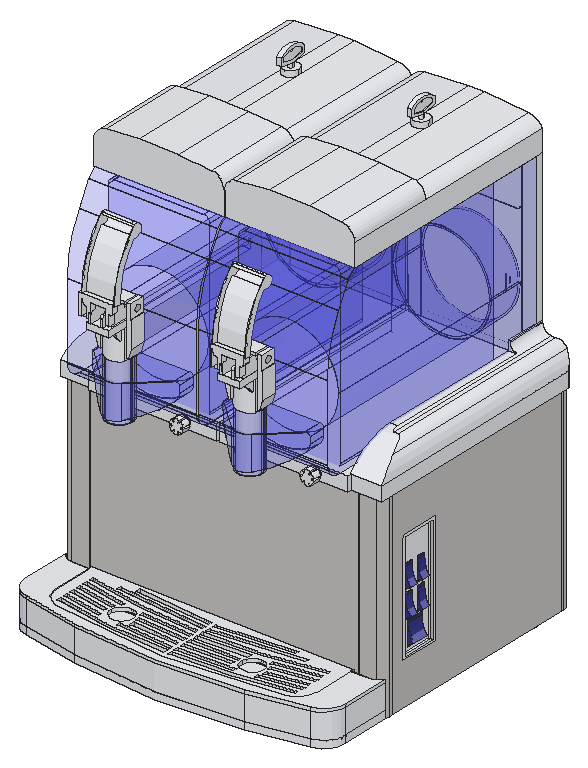
Revit family "QF_ELECTROLUXPROFESSIONAL_560099_SP2New", category Specialty Equipment, Revit 2018 (continued)
Definition of nested family "SP2_Vasca_R"
  Forms (mm)
    Extrusion 45, solid
      sketch origin (0.189, -212, -123.048) x (-1, 0, 0) y (0, 0, 1)
        loop
          circle (45.189, 417.933) r 6.382
      from 90.501 to 85.6
    Extrusion 46, solid
      sketch origin (-0.189, -212, -123.048) x (1, 0, 0) y (0, 0, -1)
        loop
          circle (45.189, -417.933) r 6.382
      from 85.6 to 90.501
    Extrusion 47, void
      sketch origin (-90.5, 0, 0) x (-1, 0, 0) y (0, -1, 0)
        loop
          arc (-210.523, -212) -> (-219.699, -208.199) -> (-223.5, -199.023) r 12.977
          line (-223.5, -199.023) -> (-223.5, -212) -> (-210.523, -212)
      from 328.597 to 286
  Cuts and joins
    Extrusion 8 cuts Extrusion 6
    Extrusion 8, Extrusion 9 cuts Extrusion 7
    Extrusion 8 cuts Extrusion 10
    joined: Extrusion 7, Extrusion 10, Extrusion 11
    joined: Extrusion 5, Extrusion 14
    Extrusion 20 cuts Extrusion 12
    Extrusion 20 cuts Extrusion 15
    Extrusion 20 cuts Extrusion 16
    Extrusion 20 cuts Extrusion 17
    Extrusion 20 cuts Extrusion 18
    Extrusion 25, Extrusion 47 cuts Extrusion 24
    Extrusion 22 cuts Extrusion 26
    Extrusion 31 cuts Extrusion 32
    Extrusion 22, Extrusion 42, Extrusion 44 cuts Extrusion 39
    Extrusion 22, Extrusion 42 cuts Extrusion 40
    Extrusion 38 cuts Extrusion 27
  Lines and regions (mm)
    symbolic lines
      curve 1: arc (112.977, -118, 14) -> (127.119, -112.142, 14) -> (132.977, -98, 14) r 20
      curve 2: line (110.977, 212, 14) -> (110.977, -50, 14)
      curve 3: line (110.977, -50, 14) -> (127.977, -50, 14)
      curve 4: line (127.977, -50, 14) -> (127.977, 209.259, 14)
      curve 5: arc (120, 212, 14) -> (129.176, 208.199, 14) -> (132.977, 199.023, 14) r 12.977
      curve 6: line (110.977, -50, 14) -> (110.977, -67.775, 14)
      curve 7: arc (110.977, -67.775, 14) -> (112.944, -92.763, 14) -> (118.795, -117.135, 14) r 159.732
      curve 8: line (127.977, -50, 14) -> (132.977, -85.577, 14)
      curve 9: line (89.477, 212, 14) -> (89.477, 30.512, 14)
      curve 10: line (89.477, 157, 14) -> (104.477, 157, 14)
      curve 11: line (104.477, 157, 14) -> (104.477, -88, 14)
      curve 12: arc (104.477, -88, 14) -> (103.013, -99.123, 14) -> (98.719, -109.488, 14) r 42.977
      curve 13: line (98.719, -109.488, 14) -> (89.477, -109.488, 14)
      curve 14: arc (89.477, 30.512, 14) -> (83.619, 16.37, 14) -> (69.477, 10.512, 14) r 20
      curve 15: arc (-90.523, 30.512, 14) -> (-84.665, 16.37, 14) -> (-70.523, 10.512, 14) r 20
      curve 16: line (-90.523, 30.512, 14) -> (-90.523, -113, 14)
      curve 17: line (89.477, 30.512, 14) -> (89.477, -113, 14)
      curve 18: line (2.977, 135.359, 14) -> (-3.023, 135.359, 14)
      curve 19: line (2.977, 96.233, 14) -> (2.977, 135.359, 14)
      curve 20: line (-3.023, 96.233, 14) -> (2.977, 96.233, 14)
      curve 21: line (-3.023, 135.359, 14) -> (-3.023, 96.233, 14)
      curve 22: arc (2.977, 105.213, 14) -> (10.977, 115.796, 14) -> (2.977, 126.379, 14) r 11
      curve 23: arc (-3.023, 126.379, 14) -> (-11.023, 115.796, 14) -> (-3.023, 105.213, 14) r 11
      curve 24: arc (89.477, -93, 14) -> (82.183, -87.573, 14) -> (73.338, -85.474, 14) r 22.513
      curve 25: arc (-90.523, -93, 14) -> (-83.229, -87.573, 14) -> (-74.384, -85.474, 14) r 22.513
      curve 26: arc (73.338, -85.474, 14) -> (-0.523, -83, 14) -> (-74.384, -85.474, 14) r 1103.745
      curve 27: line (-0.523, -113, 14) -> (-0.523, -171, 14)
      curve 28: line (82.477, -113, 14) -> (82.477, -153, 14)
      curve 29: line (-80.989, -113, 14) -> (-80.989, -153, 14)
      curve 30: line (-80.989, -153, 14) -> (82.477, -153, 14)
      curve 31: line (-50.989, -153, 14) -> (-21.523, -182.466, 14)
      curve 32: line (20.477, -216, 14) -> (-21.523, -216, 14)
      curve 33: line (-21.523, -216, 14) -> (-21.523, -171, 14)
      curve 34: line (-21.523, -171, 14) -> (20.477, -171, 14)
      curve 35: line (-16.523, -216, 14) -> (-16.523, -181, 14)
      curve 36: line (-16.523, -181, 14) -> (14.477, -181, 14)
      curve 37: line (14.477, -196, 14) -> (-16.523, -196, 14)
      curve 38: line (-55.989, -153, 14) -> (-21.523, -187.466, 14)
      curve 39: line (49.943, -153, 14) -> (20.477, -182.466, 14)
      curve 40: line (54.943, -153, 14) -> (20.477, -187.466, 14)
      curve 41: line (20.477, -216, 14) -> (20.477, -171, 14)
      curve 42: line (14.477, -216, 14) -> (14.477, -181, 14)
      curve 43: line (-90.523, 212, 14) -> (120, 212, 14)
      curve 44: line (132.977, 199.023, 14) -> (132.977, -98, 14)
      curve 45: line (-90.523, 212, 14) -> (-90.523, 30.512, 14)
      curve 46: line (-90.523, -113, 14) -> (89.477, -113, 14)
      curve 47: line (89.477, -113, 14) -> (89.477, -118, 14)
      curve 48: line (89.477, -118, 14) -> (112.977, -118, 14)
      curve 49: line (-70.523, 10.512, 0) -> (69.477, 10.512, 0)
  Dimensions and locks
    plane 4 "FEET" to level = 14 mm
    plane 6 "LEFT" to plane 3 "Center (Left/Right)" to plane 7 "RIGHT" = 133 mm, 133 mm
    plane 5 "BACK" to plane 1 "Center (Front/Back)" = 212 mm
    plane 6 "LEFT" to plane 7 "RIGHT" = 266 mm
    plane 5 "BACK" to plane 8 = 43 mm
    plane 8 to plane 11 = 250 mm
    plane 14 "TOP" to level = 640 mm
    plane 15 "FRONT" to plane 5 "BACK" = 428 mm
    plane 5 "BACK" to plane 15 "FRONT" = 428 mm
    Extrusion 36 to level = 613 mm
    Extrusion 36 to level = 606 mm
    aligned and locked: level to plane 2 "BASE"
